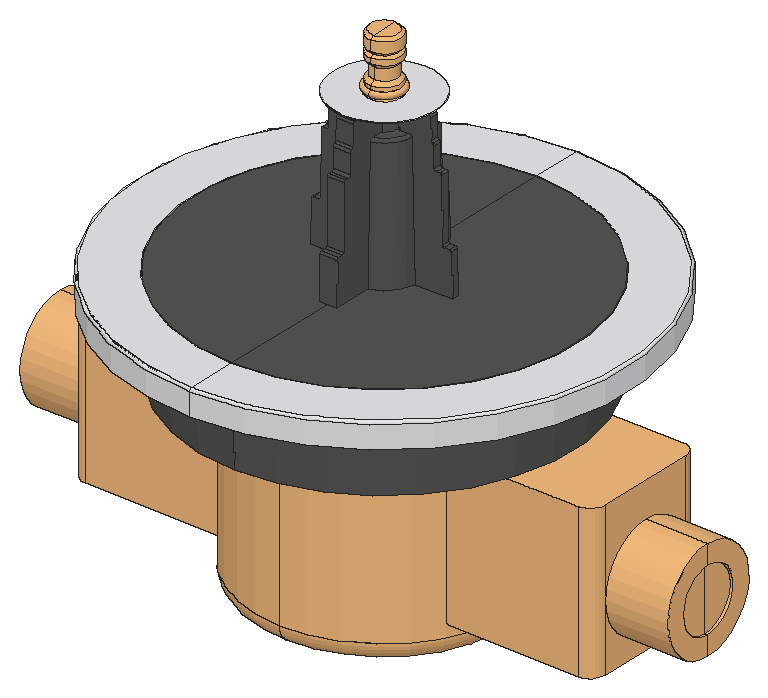
Revit family "Shower-Valves_and_Controls-KOHLER-HiFlow_Rite-Temp-K-2971", category Plumbing Fixtures, host Face, Revit 2015 (continued)
Definition of nested family "K-2971"
  Automatic sketch dimensions
    Revolve 1 sketch curve to Revolve 1 sketch curve = 0.01559"
    Revolve 1 sketch curve to Revolve 1 sketch curve = 0.05931"
    Revolve 1 sketch curve to Revolve 1 sketch curve = 0.03336"  (x3)
    Revolve 1 sketch curve to Revolve 1 sketch curve = 0.00039"
    Revolve 1 sketch curve to Revolve 1 sketch curve = 0.00905"
    level to Revolve 1 sketch curve = 1/4"
    plane 3 "Center (Left/Right)" to Revolve 1 sketch curve = 1.36724"
    Revolve 1 sketch curve to plane 4 = 0.312"
    Revolve 1 sketch curve to plane 8 = 0.7325"
    Revolve 1 sketch curve to Revolve 1 sketch curve = 0.046"
    Revolve 1 sketch curve to Revolve 1 sketch curve = 0.02573"
    Revolve 1 sketch curve to Revolve 1 sketch curve = 0.0348"
    Revolve 1 sketch curve to Revolve 1 sketch curve = 0.01053"
    Revolve 1 sketch curve to Revolve 1 sketch curve = 0.0388"
    Revolve 1 sketch curve to Revolve 1 sketch curve = 0.04895"  (x2)
    Revolve 1 sketch curve to Revolve 1 sketch curve = 0.14322"
    Revolve 1 sketch curve to Revolve 1 sketch curve = 0.06599"
    Revolve 1 sketch curve to plane 8 = 0.03603"
    Revolve 1 sketch curve to Revolve 1 sketch curve = 0.4215"
    curve 13 to plane 7 = 0"
    curve 4 to curve 14 = 0.31979"
    curve 6 to curve 5 = 0.18134"
    curve 42 to plane 4 = 0"
    curve 93 to plane 1 "Center (Front/Back)" = 0"
    curve 94 to plane 1 "Center (Front/Back)" = 0"
    plane 1 "Center (Front/Back)" to curve 41 = 0.00195"
    plane 1 "Center (Front/Back)" to curve 62 = 0.19808"
    plane 1 "Center (Front/Back)" to curve 37 = 1/4"
    curve 68 to curve 62 = 0.14012"
    curve 67 to curve 68 = 0.0343"
    plane 7 to curve 92 = 0.05763"
    plane 1 "Center (Front/Back)" to curve 92 = 0.59086"
    curve 91 to curve 36 = 0.1251"
    curve 44 to curve 36 = 0.65319"
    curve 46 to curve 45 = 0.60143"
    curve 58 to plane 1 "Center (Front/Back)" = 0.19879"
    curve 39 to plane 1 "Center (Front/Back)" = 1/4"
    curve 60 to curve 69 = 0.1394"
    curve 69 to curve 66 = 0.0343"
    curve 40 to curve 90 = 0.1251"
    curve 39 to curve 43 = 0.65211"
    curve 34 to curve 35 = 0.60328"
    curve 41 to plane 7 = 0.47345"
    level to curve 40 = 0.61"
    level to curve 34 = 0.4"
    level to curve 44 = 0.4"
    plane 7 to curve 91 = 0.36866"
    plane 7 to curve 89 = 0.36866"
    plane 7 to curve 35 = 0.86866"
    curve 36 to curve 91 = 0.29842"
    curve 40 to curve 88 = 0.29842"
    curve 69 to plane 8 = 1.05784"
    curve 68 to curve 69 = 0"
    curve 68 to curve 67 = 0.00166"
    curve 69 to curve 66 = 0.00166"
    curve 68 to curve 62 = 0.29075"
    plane 1 "Center (Front/Back)" to curve 63 = 0.10671"
    curve 56 to curve 63 = 0.03536"
    curve 55 to curve 56 = 0.00171"
    curve 54 to curve 55 = 0.01076"
    curve 53 to curve 54 = 0"
    curve 52 to curve 53 = 0.01559"
    curve 57 to curve 58 = 0.00524"
    curve 59 to curve 57 = 0.00401"
    curve 65 to curve 68 = 0"
    curve 67 to curve 63 = 0.30072"
    curve 42 to curve 67 = 0.46619"
    curve 44 to curve 44 = 0.21404"
    curve 48 to curve 46 = 0.31038"
    curve 51 to plane 4 = 0.312"
    curve 51 to curve 48 = 0.03101"
    curve 50 to plane 5 = 0.77171"
    curve 70 to plane 1 "Center (Front/Back)" = 0.10671"
    curve 61 to curve 56 = 0.03536"
    curve 56 to curve 55 = 0.00171"
    curve 53 to plane 1 "Center (Front/Back)" = 0.15454"
    curve 55 to curve 54 = 0.01076"
    curve 53 to curve 52 = 0.01559"
    curve 58 to curve 57 = 0.00469"
    curve 57 to curve 59 = 0.00927"
    curve 64 to curve 69 = 0"
    curve 61 to curve 66 = 0.30072"
    curve 66 to curve 42 = 0.46766"
    curve 34 to curve 43 = 0.21513"
    curve 47 to curve 48 = 0.30962"
    curve 48 to curve 51 = 0.03101"
    plane 6 to curve 49 = 0.77171"
    level to curve 49 = 0.605"
    level to curve 50 = 0.605"
    plane 7 to curve 49 = 5/8"
    plane 7 to curve 50 = 5/8"
    curve 35 to curve 48 = 0.18134"
    curve 61 to curve 71 = 0.536"
    curve 70 to curve 69 = 0.26567"
    curve 69 to curve 64 = 0"
    curve 68 to curve 62 = 0"
    curve 58 to curve 57 = 0.03625"
    curve 57 to curve 59 = 0.01"
    curve 59 to curve 56 = 0.02573"
    curve 56 to curve 55 = 0.0696"
    curve 55 to curve 54 = 0.09828"
    curve 54 to curve 53 = 0.14322"
    curve 53 to curve 52 = 0.1483"
    curve 50 to curve 35 = 1.22367"
    curve 39 to curve 40 = 1/2"
    Revolve 8 sketch curve to Revolve 8 sketch curve = 2.247"
    plane 1 "Center (Front/Back)" to Revolve 8 sketch curve = 1.61724"
    Revolve 14 sketch curve to plane 4 = 0"
    Revolve 14 sketch curve to plane 8 = 0.6865"
    Revolve 14 sketch curve to plane 1 "Center (Front/Back)" = 0"
    Revolve 14 sketch curve to plane 8 = 0"
    Revolve 14 sketch curve to Revolve 14 sketch curve = 0.61751"
    plane 1 "Center (Front/Back)" to Revolve 14 sketch curve = 0.87363"
    Revolve 14 sketch curve to plane 5 = 1.685"
    Revolve 14 sketch curve to plane 4 = 0.312"
    Revolve 14 sketch curve to Revolve 14 sketch curve = 0.03101"
    Revolve 14 sketch curve to Revolve 14 sketch curve = 0.65399"
    Revolve 14 sketch curve to Revolve 14 sketch curve = 0.888"
    Revolve 14 sketch curve to Revolve 14 sketch curve = 0.046"
    plane 1 "Center (Front/Back)" to Revolve 14 sketch curve = 0.20349"
    plane 1 "Center (Front/Back)" to Extrusion 15 sketch curve = 0.00195"
    Extrusion 15 sketch curve to plane 7 = 0.47345"
    radius of Extrusion 6 sketch curve = 0.4432"
    radius of curve 12 = 0.42222"
    radius of curve 13 = 5/8"
    radius of curve 72 = 0.14207"
    radius of curve 73 = 0.16746"
    radius of curve 74 = 0.20349"
    radius of curve 41 = 0.4432"
    radius of Extrusion 15 sketch curve = 0.14635"
